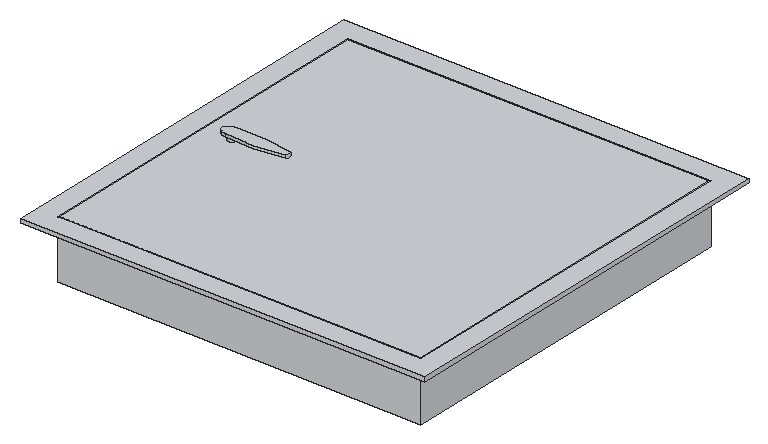
Revit family "FHA, FHG", category Generic Models, host Face, Revit 2018
Family settings
  Host = Face
  Can host rebar = No
  Round Connector Dimension = Use Diameter
  Part Type = Normal
  Cut with Voids When Loaded = No
  Shared = No
  Room Calculation Point = No
Parameters (values of type "FHA, FHG-24"x24"")
  Width = 2' - 0"
  URL = "WWW.MIFAB.COM"
  Model = "FHA, FHG"
  Material = none
  Manufacturer = "MIFAB"
  Height = 2' - 0"
  Description = "FLOOR ACCESS DOOR"
  Default Elevation = 4' - 0"
Types (13): name | Width | Height
  (no name) | 2' - 0" | 2' - 0"
  FHA, FHG-24"x24" | 2' - 0" | 2' - 0"
  FHA, FHG-24"x30" | 2' - 0" | 2' - 6"
  FHA, FHG-24"x36" | 2' - 0" | 3' - 0"
  FHA, FHG-30"x30" | 2' - 6" | 2' - 6"
  FHA, FHG-30"x36" | 2' - 6" | 3' - 0"
  FHA, FHG-30"x48" | 2' - 6" | 4' - 0"
  FHA, FHG-36"x36" | 3' - 0" | 3' - 0"
  FHA, FHG-36"x48" | 3' - 0" | 4' - 0"
  FHA, FHG-42"x42" | 3' - 6" | 3' - 6"
  FHA, FHG-48"x48" | 4' - 0" | 4' - 0"
  FHA, FHG-48"x72" | 4' - 0" | 6' - 0"
  FHA, FHG-60"x60" | 5' - 0" | 5' - 0"
Reference planes (in)
  plane 1 "Center (Front/Back)": y = 0
  plane 2: z = 0
  plane 3 "Center (Left/Right)": x = 0
  plane 4: x = -10.75
  plane 5: x = 10.75
  plane 6: y = 10.75
  plane 7: y = -10.75
  plane 8: x = -12
  plane 9: x = 12
  plane 10: y = -12
  plane 11: y = 12
  plane 12: z = -3.76378
  plane 13: z = 0.23622
  plane 14: z = 0.10148
  plane 15: z = -3.26378
  plane 16: y = 10.70605
  plane 17: y = -10.71063
  plane 18: x = -10.71063
  plane 19: x = 10.71063
  plane 20: z = 0
Forms (in)
  Extrusion 1, solid, material <- "Material"
    sketch origin (0, 0, 0) x (1, 0, 0) y (0, 1, 0)
      loop
        line (-10.75, 10.75) -> (-10.75, -10.75) -> (10.75, -10.75) -> (10.75, 10.75) -> (-10.75, 10.75)
      loop
        line (10.71063, 10.70605) -> (-10.71063, 10.70605) -> (-10.71063, -10.71063) -> (10.71063, -10.71063) -> (10.71063, 10.70605)
    from -3.26378 to 0
  Extrusion 2, void
    sketch origin (0, 0, 0) x (1, 0, 0) y (0, 1, 0)
      loop
        line (-11, 11) -> (-11, -11) -> (11, -11) -> (11, 11) -> (-11, 11)
    from -3.26378 to 0.23622
  Extrusion 3, solid, material <- "Material"
    sketch origin (0, 0, 0) x (1, 0, 0) y (0, 1, 0)
      loop
        line (-10.71063, 10.70605) -> (-10.71063, -10.71063) -> (10.71063, -10.71063) -> (10.71063, 10.70605) -> (-10.71063, 10.70605)
    from 0 to 0.23622
  Extrusion 4, solid, material <- "Material"
    sketch origin (0, 0, 0) x (1, 0, 0) y (0, 1, 0)
      loop
        line (-10.75, 10.75) -> (-10.75, -10.75) -> (10.75, -10.75) -> (10.75, 10.75) -> (-10.75, 10.75)
      loop
        line (12, 12) -> (-12, 12) -> (-12, -12) -> (12, -12) -> (12, 12)
    from 0 to 0.23622
Dimensions and locks (in)
  equal spacing: plane 10, plane 1 "Center (Front/Back)", plane 11
  locked: plane 11 to plane 6 at 1.25
  locked: plane 7 to plane 10 at 1.25
  "Height": plane 10 to plane 11
  equal spacing: plane 8, plane 3 "Center (Left/Right)", plane 9
  "Width": plane 8 to plane 9
  locked: plane 8 to plane 4 at 1.25
  locked: plane 5 to plane 9 at 1.25
  locked: plane 7 to Extrusion 1 sketch curve at 0.03937
  locked: plane 6 to Extrusion 1 sketch curve at 0.04395
  locked: Extrusion 1 sketch curve to plane 5 at 0.03937
  locked: plane 4 to Extrusion 1 sketch curve at 0.03937
  locked: plane 13 to plane 2 at 0.23622
  locked: plane 13 to plane 14 at 0.13474
  locked: plane 13 to plane 15 at 3.5
  locked: plane 6 to plane 16 at 0.04395
  locked: plane 7 to plane 17 at 0.03937
  locked: plane 4 to plane 18 at 0.03937
  locked: plane 19 to plane 5 at 0.03937
  locked: Extrusion 4 to plane 20 at 0.23622
  locked: Extrusion 2 sketch curve to plane 4 at 0.25
  locked: Extrusion 2 sketch curve to plane 6 at 0.25
  locked: Extrusion 2 sketch curve to plane 7 at 0.25
  locked: plane 5 to Extrusion 2 sketch curve at 0.25
  locked: Extrusion 4 to plane 15 at 3.5
  Extrusion 4 to Extrusion 3 = 0' - 0.23622"
  locked: plane 8 to nested 1 at 3
  aligned and locked: plane 2 to host face
  aligned and locked: level to host face
  aligned and locked: Extrusion 1 sketch curve to plane 4
  aligned and locked: Extrusion 1 sketch curve to plane 6
  aligned and locked: plane 5 to Extrusion 1 sketch curve
  aligned and locked: plane 7 to Extrusion 1 sketch curve
  aligned and locked: Extrusion 4 sketch curve to plane 4
  aligned and locked: plane 5 to Extrusion 4 sketch curve
  aligned and locked: plane 7 to Extrusion 4 sketch curve
  aligned and locked: Extrusion 4 sketch curve to plane 6
  aligned and locked: plane 9 to Extrusion 4 sketch curve
  aligned and locked: Extrusion 4 sketch curve to plane 8
  aligned and locked: Extrusion 4 sketch curve to plane 10
  aligned and locked: Extrusion 4 to plane 2
  aligned and locked: plane 13 to Extrusion 4
  aligned and locked: level to Extrusion 1
  aligned and locked: Extrusion 1 to plane 15
  aligned and locked: Extrusion 3 sketch curve to plane 19
  aligned and locked: Extrusion 3 sketch curve to plane 16
  aligned and locked: Extrusion 3 sketch curve to plane 18
  aligned and locked: plane 17 to Extrusion 3 sketch curve
  aligned and locked: Extrusion 2 to Extrusion 1
  aligned and locked: plane 13 to Extrusion 2
  aligned and locked: Extrusion 3 to plane 20
  aligned and locked: plane 13 to Extrusion 3
  aligned and locked: nested 1 to plane 1 "Center (Front/Back)"
Automatic sketch dimensions
  host sketch curve to host sketch curve = 8' - 0"  (x2)
  plane 11 to Extrusion 4 sketch curve = 0' - 0"
Nested families (in)
  nested 1: "Handle" at (-9, 0, 0.23622) x (-1, 0, 0) z (0, 0, 1), type "Handle"
Definition of nested family "Handle"
  Parameters (values of type "Handle")
    Material = none
    Default Elevation = 4' - 0"
  Reference planes (in)
    plane 1 "Center (Front/Back)": y = 0
    plane 2: z = 0
    plane 3 "Center (Left/Right)": x = 0
  Forms (in)
    Extrusion 1, solid
      sketch origin (0, 0, 0) x (1, 0, 0) y (0, 1, 0)
        loop
          line (-48, 48) -> (-48, -48) -> (48, -48) -> (48, 48) -> (-48, 48)
      from 0 to -12
    Extrusion 2, solid, material <- "Material"
      sketch origin (-3.78692, 0, -0.19685) x (1, 0, 0) y (0, 1, 0)
        loop
          arc (0.52095, 0.14651) -> (0.40271, 0) -> (0.52095, -0.14651) r 0.14989
          arc (0.52095, -0.14651) -> (2.19522, -0.38905) -> (3.88693, -0.39932) r 12.28754
          arc (3.88693, -0.39932) -> (4.13445, -0.33467) -> (4.33953, -0.18174) r 0.66811
          arc (4.33953, -0.18174) -> (4.40975, 0) -> (4.33953, 0.18174) r 0.2703
          arc (4.33953, 0.18174) -> (4.13445, 0.33467) -> (3.88693, 0.39932) r 0.66811
          arc (3.88693, 0.39932) -> (2.19522, 0.38905) -> (0.52095, 0.14651) r 12.28754
      from 0.43977 to 0.60169
    Extrusion 3, solid, material <- "Material"
      sketch origin (-3.78692, 0, -0.19685) x (1, 0, 0) y (0, 1, 0)
        loop
          circle (3.78692, 0) r 0.25
      from 0.19685 to 0.43977
  Dimensions and locks (in)
    aligned and locked: plane 2 to Extrusion 1
    aligned and locked: level to Extrusion 1
    aligned and locked: Extrusion 3 to level
